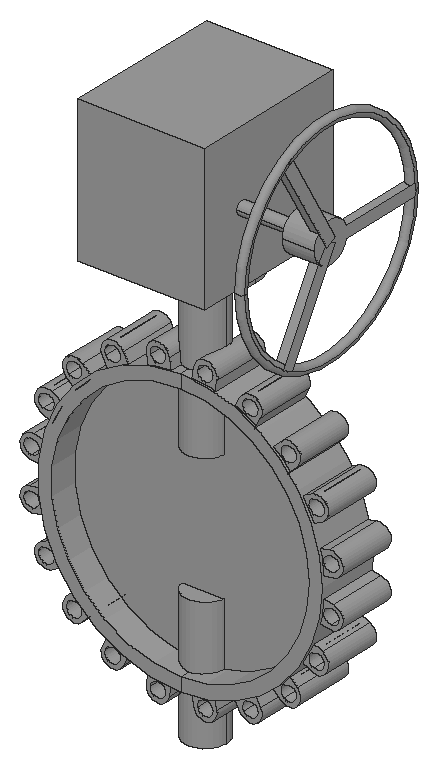
Revit family "2M_Butterfly Valve_UNIVAL_BLN-0201 - 40-600 mm", category Pipe Accessories, Revit 2016
Family settings
  Part Type = Valve - Breaks Into
  Round Connector Dimension = Use Diameter
  OmniClass Number = 23.65.55.14.17
  OmniClass Title = Adjusting/Controlling Valves for Liquid Services
  Work Plane-Based = No
  Always vertical = Yes
  Cut with Voids When Loaded = No
  Shared = No
Parameters (values of type "DN450")
  d = 27 mm
  built-in parameter 1114242 [instance] = 1
  T = -26 mm
  Symbol_consist = E / 30 * 17  # 61.767 mm
  Seat Material = "EPDM, NBR"  # constant formula
  Loss Method = K Coefficient from Table
  Kv = 18551
  LugHole_pcs = 20
  LugrAxis_dist = Body_r + 12 mm  # 260 mm
  URL = "http://www.unival.com.tr/"
  Stem_top_h = 1 mm
  Standard No = "TS EN 593+A1"
  Pressure Rating = "PN16"
  Operator Type = M_Gear - Operator  : GearM
  Model = "BLN-0201X450"
  Max. Working Temperature = "EPDM 120°C (water), NBR 90°C (water and petroleum oil)"
  Max. Working Pressure = "11 Bar"
  Max Diff. Pressure (Allowed) = ""
  Manufacturer = "Giacomini Unival\r\nGiacomini Unival"
  K Coefficient Table = "Butterfly Valve Full Open"
  Gasket Material = "EPDM, NBR"
  Stem_D = 73.019 mm
  Disc_r = DN / 2  # 225 mm
  Disc Material = "Aluminium bronze"  # constant formula
  Description TR = "Lug tipi kelebek vana"  # constant formula
  Description = "Lug type butterfly valve"  # constant formula
  Lug_do = d + 14 mm  # 41 mm
  DN = 450 mm
  D = 175 mm
  Connection Type = "Lug"
  Certifications = "TSE EAC CE"
  E = 109 mm
  Body Material = "Cast iron"
  Body_r = DN / 2 + 23 mm  # 248 mm
  B = 340 mm
  Lug_angle = 90.00°
  A = 422 mm
Types (15, lengths in mm): name | d | T | Symbol_consist | Kv | LugHole_pcs | LugrAxis_dist | Stem_top_h | Operator Type | Model | Max Diff. Pressure (Allowed) | Gasket Material | Stem_D | Disc_r | Lug_do | DN | D | E | Body_r | B | Lug_angle | A
  DN100 | 16 | -10 | 29.183 | 760 | 8 | 85 | 1 | M_Handle - Curved : Lever_260mm | "BLN-0201X100" | "3 Bar" | "EPDM / NBR" | 34.5 | 50 | 30 | 100 | 90 | 51.5 | 73 | 100 | 22.50° | 180
  DN250 | 24 | -10 | 38.817 | 5050 | 12 | 160 | 26 | M_Handle - Curved : Lever_416mm | "BLN-0201X250" | "1.5 Bar" | "EPDM, NBR" | 45.888 | 125 | 38 | 250 | 125 | 68.5 | 148 | 200 | 30.00° | 274
  DN40 | 16 | -10 | 19.55 | 49.5 | 4 | 55 | 1 | M_Handle - Curved : Lever_260mm | "BLN-0201X040" | "3 Bar" | "EPDM, NBR" | 23.112 | 20 | 30 | 40 | 90 | 34.5 | 43 | 63.5 | 90.00° | 140
  DN50 | 16 | -10 | 24.367 | 115 | 4 | 60 | 1 | M_Handle - Curved : Lever_260mm | "BLN-0201X050" | "3 Bar" | "EPDM, NBR" | 28.806 | 25 | 30 | 50 | 90 | 43 | 48 | 68.5 | 90.00° | 140
  DN65 | 16 | -10 | 25.5 | 255 | 4 | 67.5 | 1 | M_Handle - Curved : Lever_260mm | "BLN-0201X065" | "3 Bar" | "EPDM, NBR" | 30.146 | 32.5 | 30 | 65 | 90 | 45 | 55.5 | 76 | 90.00° | 152
  DN80 | 16 | -10 | 26.067 | 375 | 4 | 75 | 1 | M_Handle - Curved : Lever_260mm | "BLN-0201X080" | "3 Bar" | "EPDM, NBR" | 30.816 | 40 | 30 | 80 | 90 | 46 | 63 | 85 | 90.00° | 160
  DN125 | 16 | -10 | 31.733 | 1030 | 8 | 97.5 | 1 | M_Handle - Curved : Lever_260mm | "BLN-0201X125" | "3 Bar" | "EPDM, NBR" | 37.515 | 62.5 | 30 | 125 | 90 | 56 | 85.5 | 120 | 22.50° | 191
  DN150 | 16 | -10 | 32.017 | 1790 | 8 | 110 | 1 | M_Handle - Curved : Lever_260mm | "BLN-0201X150" | "3 Bar" | "EPDM, NBR" | 37.85 | 75 | 30 | 150 | 90 | 56.5 | 98 | 132 | 22.50° | 202
  DN200 | 20 | -10 | 34 | 3450 | 12 | 135 | 23 | M_Handle - Curved : Lever_326mm | "BLN-0201X200" | "3 Bar" | "EPDM, NBR" | 40.194 | 100 | 34 | 200 | 125 | 60 | 123 | 160 | 30.00° | 237
  DN300 | 24 | -10 | 45.05 | 7420 | 12 | 185 | 26 | M_Handle - Curved : Lever_416mm | "BLN-0201X300" | "1.5 Bar" | "EPDM, NBR" | 53.257 | 150 | 38 | 300 | 125 | 79.5 | 173 | 230 | 30.00° | 312
  DN350 | 24 | -24 | 44.2 | 10300 | 16 | 210 | 1 | M_Gear - Operator  : GearS | "BLN-0201X350" | "" | "EPDM, NBR" | 52.252 | 175 | 38 | 350 | 125 | 78 | 198 | 280 | 11.25° | 368
  DN400 | 27 | -25 | 49.867 | 14007 | 16 | 235 | 1 | M_Gear - Operator  : GearM | "BLN-0201X400" | "" | "EPDM, NBR" | 58.951 | 200 | 41 | 400 | 175 | 88 | 223 | 310 | 11.25° | 400
  DN450 | 27 | -26 | 61.767 | 18551 | 20 | 260 | 1 | M_Gear - Operator  : GearM | "BLN-0201X450" | "" | "EPDM, NBR" | 73.019 | 225 | 41 | 450 | 175 | 109 | 248 | 340 | 90.00° | 422
  DN500 | 30 | -25 | 71.967 | 23853 | 20 | 285 | 1 | M_Gear - Operator  : GearL | "BLN-0201X500" | "" | "EPDM, NBR" | 85.078 | 250 | 44 | 500 | 210 | 127 | 273 | 388 | 90.00° | 480
  DN600 | 33 | -30 | 87.267 | 36894 | 20 | 335 | 1 | M_Gear - Operator  : GearL | "BLN-0201X600" | "" | "EPDM, NBR" | 103.165 | 300 | 47 | 600 | 210 | 154 | 323 | 450 | 30.00° | 562
Reference planes
  plane 1 "Center (Front/Back)": y = 0
  plane 2: z = 0
  plane 3 "Center (Left/Right)": x = 0
  plane 4 "Disk": z = 225
  plane 5 "Disc 2": z = -225
  plane 6 "A": z = 422
  plane 7: z = -340
  plane 8: z = 112.5
  plane 9: z = -112.5
  plane 10 "Handle_Plane": z = 423
  plane 11 "Wafer 2": y = 54.5
  plane 12 "Wafer": y = -54.5
  plane 13: x = -84.994
  plane 14: x = 84.994
Forms (mm)
  Extrusion 1, solid, material "UNIVAL_Grey", detail levels fine
    sketch origin (0, 0, 0) x (1, 0, 0) y (0, 0, 1)
      loop
        circle (0, 0) r 225
    from -5 to 5
  Revolve 2, solid, material "UNIVAL_IRON", detail levels fine
    sketch origin (0, 0, 0) x (0, 1, 0) y (0, 0, 1)
      loop
        line (54.5, 248) -> (-54.5, 248) -> (-54.5, 225) -> (54.5, 225) -> (54.5, 248)
      axis (54.5, 0) -> (-54.5, 0)
    angle from 0 to 360
  Extrusion 3, solid, material "UNIVAL_IRON", detail levels fine
    sketch origin (0, 0, 0) x (1, 0, 0) y (0, 1, 0)
      loop
        circle (0, 0) r 36.51
    from 225 to 422
  Extrusion 4, solid, material "UNIVAL_IRON", detail levels fine
    sketch origin (0, 0, 0) x (1, 0, 0) y (0, 1, 0)
      loop
        circle (0, 0) r 36.51
    from -340 to -225
  Extrusion 5, solid, material "UNIVAL_IRON", detail levels fine
    sketch origin (0, 0, 422) x (1, 0, 0) y (0, 1, 0)
      loop
        circle (0, 0) r 87.5
    from -26 <- "T" to 0
  Extrusion 6, solid, material "UNIVAL_Grey", detail levels fine
    sketch origin (0, 0, 225) x (-1, 0, 0) y (0, -1, 0)
      loop
        circle (0, 0) r 36.51
    from -112.5 to 0
  Extrusion 7, solid, material "UNIVAL_Grey", detail levels fine
    sketch origin (0, 0, -225) x (-1, 0, 0) y (0, -1, 0)
      loop
        circle (0, 0) r 36.51
    from 0 to 112.5
  Extrusion 8, solid, detail levels fine
    sketch origin (-1351.99, -1524, 422) x (-1, 0, 0) y (0, -1, 0)
      loop
        circle (-1351.99, -1524) r 87.5
    from 0 to 1 <- "Stem_top_h"
Cuts and joins
  joined: Revolve 2, Extrusion 3, Extrusion 4, Extrusion 5
  joined: Extrusion 1, Extrusion 6, Extrusion 7
Lines and regions (mm)
  model lines, detail levels coarse+medium
    curve 1: line (-30.883, 54.5, 0) -> (30.883, 54.5, 0)
    curve 3: line (30.883, -54.5, 0) -> (-30.883, -54.5, 0)
    curve 5: line (-30.883, -54.5, 0) -> (30.883, 54.5, 0)
    curve 6: line (30.883, -54.5, 0) -> (-30.883, 54.5, 0)
  model lines, not visible, detail levels coarse+medium
    curve 2: line (-30.883, -54.5, 0) -> (-30.883, 54.5, 0)
    curve 4: line (30.883, 54.5, 0) -> (30.883, -54.5, 0)
  reference lines
    curve 7: line (0, 54.5, 0) -> (36.321, 54.5, 0)
Dimensions and locks
  equal spacing: Revolve 2 sketch curve, plane 1 "Center (Front/Back)", Revolve 2 sketch curve
  "E": Revolve 2 sketch curve to Revolve 2 sketch curve
  "Disc_r": Revolve 2 sketch curve to Revolve 2 sketch curve
  "Body_r": Revolve 2 sketch curve to Revolve 2 sketch curve
  "Disc_r": plane 4 "Disk" to plane 2
  "Disc_r": level to plane 5 "Disc 2"
  "A": plane 6 "A" to plane 2
  "B": level to plane 7
  equal spacing: plane 4 "Disk", plane 8, level
  equal spacing: level, plane 9, plane 5 "Disc 2"
  "Stem_top_h": plane 10 "Handle_Plane" to plane 6 "A"
  "E": plane 12 "Wafer" to plane 11 "Wafer 2"
  equal spacing: plane 12 "Wafer", plane 1 "Center (Front/Back)", plane 11 "Wafer 2"
  "Symbol_consist": curve 2 to curve 1
  equal spacing: curve 2, plane 3 "Center (Left/Right)", curve 4
  "Disc_r": radius of Extrusion 1 sketch curve
  "Stem_D": diameter of Extrusion 3 sketch curve
  "Stem_D": diameter of Extrusion 4 sketch curve
  "D": diameter of Extrusion 5 sketch curve
  "Stem_D": diameter of Extrusion 6 sketch curve
  "Stem_D": diameter of Extrusion 7 sketch curve
  "D": diameter of Extrusion 8 sketch curve
  "Lug_angle": angle curve 7 to plane 3 "Center (Left/Right)"
  aligned and locked: level to plane 2
  aligned and locked: Revolve 2 sketch curve to level
  aligned and locked: Extrusion 3 to plane 4 "Disk"
  aligned and locked: plane 6 "A" to Extrusion 3
  aligned and locked: plane 5 "Disc 2" to Extrusion 4
  aligned and locked: plane 7 to Extrusion 4
  aligned and locked: Extrusion 6 to Extrusion 3
  aligned and locked: Extrusion 6 to plane 8
  aligned and locked: plane 9 to Extrusion 7
  aligned and locked: Extrusion 7 to plane 5 "Disc 2"
Automatic sketch dimensions
  Extrusion 1 sketch curve to level = 0 mm
  Extrusion 1 sketch curve to plane 3 "Center (Left/Right)" = 0 mm
  plane 12 "Wafer" to Revolve 2 sketch curve = 2821.218 mm
  Revolve 2 sketch curve to plane 11 "Wafer 2" = 1437.719 mm
  plane 1 "Center (Front/Back)" to Extrusion 3 sketch curve = 0 mm
  Extrusion 3 sketch curve to plane 3 "Center (Left/Right)" = 0 mm
  plane 1 "Center (Front/Back)" to Extrusion 4 sketch curve = 0 mm
  Extrusion 4 sketch curve to plane 3 "Center (Left/Right)" = 0 mm
  plane 1 "Center (Front/Back)" to Extrusion 6 sketch curve = 0 mm
  Extrusion 6 sketch curve to plane 3 "Center (Left/Right)" = 0 mm
  plane 1 "Center (Front/Back)" to Extrusion 7 sketch curve = 0 mm
  Extrusion 7 sketch curve to plane 3 "Center (Left/Right)" = 0 mm
  plane 1 "Center (Front/Back)" to Extrusion 8 sketch curve = 0 mm
  Extrusion 8 sketch curve to plane 3 "Center (Left/Right)" = 0 mm
  plane 12 "Wafer" to curve 3 = 0 mm
  plane 11 "Wafer 2" to curve 2 = 0 mm
  curve 7 to level = 0 mm
  curve 7 to plane 3 "Center (Left/Right)" = 0 mm
Nested families
  nested 1: "M_Gear - Operator " at (193.002, 264.531, 423), type <- "Operator Type", type "GearM", detail levels fine
  nested 2: "M_Lug" at (0, 54.5, 0) x (0.7071, 0, -0.7071) z (0, -1, 0), type "M_Lug", detail levels fine
Connectors
  piping at (0, -54.5, 0), diameter 450, driven by "DN"
    settings: on Revolve 2, index 1, connector inside diameter 609.6 mm, connector length 0 mm, flow factor 0, pipe flow 0.0 L/s, pressure drop 0.0 Pa, fitting loss kfactor 0, connector angle 0.00°, fixture units 0, engagement length 0 mm, angle of deflection 0.00°, flow configuration 0, flow direction 0, fitting loss method 0, system type 29, joint type 0, gender type 0, connector reference index 2, connector utility 0, adjustable connector no, is connector primary yes, connector description ""
  piping at (0, 54.5, 0), diameter 450, driven by "DN"
    settings: on Revolve 2, index 2, connector inside diameter 609.6 mm, connector length 0 mm, flow factor 0, pipe flow 0.0 L/s, pressure drop 0.0 Pa, fitting loss kfactor 0, connector angle 0.00°, fixture units 0, engagement length 0 mm, angle of deflection 0.00°, flow configuration 0, flow direction 0, fitting loss method 0, system type 29, joint type 0, gender type 0, connector reference index 1, connector utility 0, adjustable connector no, is connector primary no, connector description ""
Definition of nested family "M_Gear - Operator "
  Parameters (values of type "GearL")
    angle = 60.00°
    Wheel_r = 8 mm
    WheelCenter_r = 186 mm
    WheelBed_D = 70 mm
    Shaft_l = 80 mm
    Shaft_axis = 80 mm
    Shaft_D = 22 mm
    WheelProfile_w = 20 mm
    Manufacturer = "UNIVAL"
    G = (WheelCenter_r + Wheel_r) * 2  # 388 mm
    F = 241 mm
    Default Elevation = 1219.2 mm
    Box_w = 220 mm
    Box_l = 280 mm
    E = 264 mm
  Types (3, lengths in mm): name | Wheel_r | WheelCenter_r | WheelBed_D | Shaft_l | Shaft_D | WheelProfile_w | G | F | Box_w | Box_l | E
    GearS | 5.5 | 143 | 60 | 80 | 18 | 16 | 297 | 226 | 200 | 250 | 161
    GearM | 8 | 186 | 70 | 100 | 22 | 20 | 388 | 266 | 220 | 280 | 252
    GearL | 8 | 186 | 70 | 80 | 22 | 20 | 388 | 241 | 220 | 280 | 264
  Reference planes
    plane 1 "Center (Front/Back)": x = -193.002
    plane 2: z = 0
    plane 3 "Center (Left/Right)": y = -264.531
    plane 4: y = -404.531
    plane 5: y = -124.531
    plane 6: x = -83.002
    plane 7: x = -303.002
    plane 8: z = 264
    plane 9: z = 132
    plane 10: x = -3.002
    plane 11: x = 39.998
    plane 12: y = -138.531
    plane 13: x = 47.998
    plane 14: through (266.01, -9.42, 1219.2) normal (-0.7071, -0.7071, 0)
    plane 15: x = 31.998
    plane 16: y = -324.531
  Forms (mm)
    Extrusion 1, solid, not visible
      sketch origin (0, 0, 0) x (0, 1, 0) y (-1, 0, 0)
        loop
          line (-1219.2, 1219.2) -> (-1219.2, -1219.2) -> (1219.2, -1219.2) -> (1219.2, 1219.2) -> (-1219.2, 1219.2)
      from 0 to -304.8
    Extrusion 2, solid
      sketch origin (-193.002, -264.531, 0) x (0, 1, 0) y (-1, 0, 0)
        loop
          line (-140, 110) -> (-140, -110) -> (140, -110) -> (140, 110) -> (-140, 110)
      from 0 to 264
    Extrusion 3, solid
      sketch origin (-143.002, 1259.469, 1219.2) x (0, 1, 0) y (0, 0, 1)
        loop
          circle (-1584, -1087.2) r 11
      from 60 to 140
    Extrusion 4, solid
      sketch origin (10.138, 1259.469, 1219.2) x (0, 1, 0) y (0, 0, 1)
        loop
          circle (-1584, -1087.2) r 35
      from -13.139 to 37.861
    Revolve 5, solid
      sketch origin (4378.998, 1395.242, 132) x (1, 0, 0) y (0, 1, 0)
        loop
          circle (-4339, -1533.773) r 8
        axis (-4347, -1719.773) -> (-4331, -1719.773)
      angle from 0 to 360
    Extrusion 6, solid
      sketch origin (39.998, 1259.469, 1219.2) x (0, 1, 0) y (0, 0, 1)
        loop
          line (-1584, -1097.2) -> (-1398, -1097.2) -> (-1398, -1077.2) -> (-1584, -1077.2) -> (-1584, -1097.2)
      from -8 to 8
    Extrusion 7, solid
      sketch origin (39.998, 1259.469, 1219.2) x (0, 1, 0) y (0, 0, 1)
        loop
          line (-1575.34, -1092.2) -> (-1592.66, -1082.2) -> (-1685.66, -1243.281) -> (-1668.34, -1253.281) -> (-1575.34, -1092.2)
      from -8 to 8
    Extrusion 8, solid
      sketch origin (39.998, -1418.731, 1589) x (0, 0, 1) y (0, -1, 0)
        loop
          line (-1462, -1085.54) -> (-1452, -1102.86) -> (-1290.919, -1009.86) -> (-1300.919, -992.54) -> (-1462, -1085.54)
      from -8 to 8
  Cuts and joins
    joined: Extrusion 4, Extrusion 6
  Lines and regions (mm)
    reference lines
      curve 1: line (39.998, -345.013, 143.825) -> (39.998, -324.531, 132)
      curve 2: line (39.998, -324.531, 132) -> (39.998, -324.531, 131.367)
      curve 3: line (39.998, -324.531, 132) -> (39.998, -326.876, 127.939)
      curve 4: line (39.998, -324.531, 132) -> (39.998, -251.851, 122)
      curve 5: line (39.998, -324.531, 132) -> (39.998, -334.531, 59.321)
      curve 6: line (39.998, -320.47, 134.345) -> (39.998, -324.531, 132)
  Dimensions and locks
    "Box_l": plane 4 to plane 5
    "Box_w": plane 6 to plane 7
    "E": plane 8 to plane 2
    equal spacing: plane 6, plane 1 "Center (Front/Back)", plane 7
    equal spacing: plane 8, plane 9, plane 2
    "Shaft_l": plane 10 to plane 6
    "Wheel_r": plane 13 to plane 11
    "F": plane 13 to plane 1 "Center (Front/Back)"
    "WheelProfile_w": Extrusion 6 sketch curve to Extrusion 6 sketch curve
    equal spacing: Extrusion 6 sketch curve, plane 9, Extrusion 6 sketch curve
    "WheelCenter_r": Extrusion 6 sketch curve to Extrusion 6 sketch curve
    equal spacing: plane 13, plane 11, plane 15
    "WheelProfile_w": Extrusion 7 sketch curve to Extrusion 7 sketch curve
    equal spacing: Extrusion 7 sketch curve, curve 3, Extrusion 7 sketch curve
    "WheelCenter_r": Extrusion 7 sketch curve to Extrusion 7 sketch curve
    "Shaft_axis": plane 4 to plane 16
    "WheelCenter_r": plane 12 to plane 16
    equal spacing: plane 5, plane 3 "Center (Left/Right)", plane 4
    equal spacing: Extrusion 8 sketch curve, curve 6, Extrusion 8 sketch curve
    "WheelProfile_w": Extrusion 8 sketch curve to Extrusion 8 sketch curve
    "WheelCenter_r": Extrusion 8 sketch curve to curve 6
    "Shaft_D": diameter of Extrusion 3 sketch curve
    "WheelBed_D": diameter of Extrusion 4 sketch curve
    "Wheel_r": radius of Revolve 5 sketch curve
    "angle": angle plane 16 to Extrusion 7
    aligned and locked: plane 2 to Extrusion 1
    aligned and locked: level to Extrusion 1
    aligned and locked: Extrusion 2 to plane 5
    aligned and locked: Extrusion 2 to plane 4
    aligned and locked: Extrusion 2 to plane 7
    aligned and locked: Extrusion 2 to plane 6
    aligned and locked: plane 8 to Extrusion 2
    aligned and locked: Extrusion 3 to plane 10
    aligned and locked: plane 11 to Revolve 5 sketch curve
    aligned and locked: Extrusion 4 to plane 10
    aligned and locked: plane 12 to Revolve 5 sketch curve
    aligned and locked: Extrusion 3 to plane 6
    aligned and locked: Extrusion 4 to plane 13
    aligned and locked: Extrusion 6 to Extrusion 4
    aligned and locked: Extrusion 7 sketch curve to curve 1
    aligned and locked: cut or joined group of Extrusion 4, Extrusion 6 to Extrusion 8
    aligned and locked: Extrusion 8 to plane 13
    aligned and locked: Extrusion 7 to plane 13
    aligned and locked: cut or joined group of Extrusion 4, Extrusion 6 to Extrusion 7
    aligned and locked: Extrusion 8 to plane 15
    aligned and locked: plane 16 to Extrusion 3 sketch curve
    aligned and locked: plane 9 to Extrusion 3 sketch curve
    aligned and locked: plane 9 to Extrusion 4 sketch curve
    aligned and locked: plane 16 to Extrusion 4 sketch curve
    aligned and locked: plane 16 to Revolve 5 sketch curve
    aligned and locked: Extrusion 6 to plane 16
    aligned and locked: Extrusion 8 sketch curve to curve 6
  Automatic sketch dimensions
    Extrusion 1 sketch curve to Extrusion 1 sketch curve = 2438.4 mm  (x2)
    Extrusion 2 sketch curve to plane 4 = 0 mm
    Extrusion 2 sketch curve to plane 5 = 0 mm
    Extrusion 2 sketch curve to plane 6 = 0 mm
    Extrusion 2 sketch curve to plane 7 = 0 mm
    plane 9 to curve 2 = 0 mm
    curve 2 to plane 16 = 0 mm
    curve 6 to plane 9 = 2.345 mm
    plane 16 to curve 6 = 4.061 mm
    curve 3 to curve 6 = 2.345 mm
    curve 5 to plane 16 = 10 mm
    curve 1 to plane 16 = 20.482 mm
    plane 3 "Center (Left/Right)" to curve 4 = 12.679 mm
    curve 2 to curve 1 = 0.633 mm
    curve 3 to curve 6 = 6.406 mm
    curve 4 to curve 2 = 9.367 mm
    curve 1 to plane 9 = 11.825 mm
    Revolve 5 sketch curve to plane 7 = 137.977 mm
    plane 13 to Revolve 5 sketch curve = 377.57 mm
    Extrusion 6 sketch curve to plane 16 = 0 mm
Definition of nested family "M_Lug"
  Parameters (values of type "M_Lug")
    d = 16 mm
    Wafer_d = Body_depth - 3 mm  # 48.5 mm
    Hole_do = 30 mm
    HoleNumber = 8
    Distance = 85 mm
    Default Elevation = 1219.2 mm
    Body_depth = 51.5 mm
  Reference planes
    plane 1 "Center (Front/Back)": y = 0
    plane 2: z = 0
    plane 3 "Center (Left/Right)": x = 0
  Forms (mm)
    Extrusion 1, solid
      sketch origin (0, 0, 0) x (1, 0, 0) y (0, 1, 0)
        loop
          line (-1219.2, 1219.2) -> (-1219.2, -1219.2) -> (1219.2, -1219.2) -> (1219.2, 1219.2) -> (-1219.2, 1219.2)
      from 0 to -304.8
    Extrusion 2, solid
      sketch origin (0, 65.76, 0) x (1, 0, 0) y (0, 1, 0)
        loop
          circle (0, 23.479) r 8
        loop
          arc (15, 23.479) -> (0, 38.479) -> (-15, 23.479) r 15
          line (-15, 23.479) -> (-15, 0) -> (15, 0) -> (15, 23.479)
      from 3 to 48.5 <- "Wafer_d"
    Extrusion 3, solid
      sketch origin (46.5, 46.5, 0) x (0.707107, -0.707107, 0) y (0.707107, 0.707107, 0)
        loop
          circle (0, 23.479) r 8
        loop
          arc (15, 23.479) -> (0, 38.479) -> (-15, 23.479) r 15
          line (-15, 23.479) -> (-15, 0) -> (15, 0) -> (15, 23.479)
      from 3 to 48.5 <- "Wafer_d"
    Extrusion 4, solid
      sketch origin (-46.5, 46.5, 0) x (0.707107, 0.707107, 0) y (-0.707107, 0.707107, 0)
        loop
          circle (0, 23.479) r 8
        loop
          arc (15, 23.479) -> (0, 38.479) -> (-15, 23.479) r 15
          line (-15, 23.479) -> (-15, 0) -> (15, 0) -> (15, 23.479)
      from 3 to 48.5 <- "Wafer_d"
    Extrusion 5, solid
      sketch origin (-65.76, 0, 0) x (0, 1, 0) y (-1, 0, 0)
        loop
          circle (0, 23.479) r 8
        loop
          arc (15, 23.479) -> (0, 38.479) -> (-15, 23.479) r 15
          line (-15, 23.479) -> (-15, 0) -> (15, 0) -> (15, 23.479)
      from 3 to 48.5 <- "Wafer_d"
    Extrusion 6, solid
      sketch origin (-46.5, -46.5, 0) x (-0.707107, 0.707107, 0) y (-0.707107, -0.707107, 0)
        loop
          circle (0, 23.479) r 8
        loop
          arc (15, 23.479) -> (0, 38.479) -> (-15, 23.479) r 15
          line (-15, 23.479) -> (-15, 0) -> (15, 0) -> (15, 23.479)
      from 3 to 48.5 <- "Wafer_d"
    Extrusion 7, solid
      sketch origin (0, -65.76, 0) x (-1, 0, 0) y (0, -1, 0)
        loop
          circle (0, 23.479) r 8
        loop
          arc (15, 23.479) -> (0, 38.479) -> (-15, 23.479) r 15
          line (-15, 23.479) -> (-15, 0) -> (15, 0) -> (15, 23.479)
      from 3 to 48.5 <- "Wafer_d"
    Extrusion 8, solid
      sketch origin (46.5, -46.5, 0) x (-0.707107, -0.707107, 0) y (0.707107, -0.707107, 0)
        loop
          circle (0, 23.479) r 8
        loop
          arc (15, 23.479) -> (0, 38.479) -> (-15, 23.479) r 15
          line (-15, 23.479) -> (-15, 0) -> (15, 0) -> (15, 23.479)
      from 3 to 48.5 <- "Wafer_d"
    Extrusion 9, solid
      sketch origin (65.76, 0, 0) x (0, -1, 0) y (1, 0, 0)
        loop
          circle (0, 23.479) r 8
        loop
          arc (15, 23.479) -> (0, 38.479) -> (-15, 23.479) r 15
          line (-15, 23.479) -> (-15, 0) -> (15, 0) -> (15, 23.479)
      from 3 to 48.5 <- "Wafer_d"
  Dimensions and locks
    "d": diameter of Extrusion 2 sketch curve
    "Hole_do": diameter of Extrusion 2 sketch curve
    "d": diameter of Extrusion 3 sketch curve
    "Hole_do": diameter of Extrusion 3 sketch curve
    "d": diameter of Extrusion 4 sketch curve
    "Hole_do": diameter of Extrusion 4 sketch curve
    "Distance": radius of radial array
    "d": diameter of Extrusion 5 sketch curve
    "Hole_do": diameter of Extrusion 5 sketch curve
    "d": diameter of Extrusion 6 sketch curve
    "Hole_do": diameter of Extrusion 6 sketch curve
    "d": diameter of Extrusion 7 sketch curve
    "Hole_do": diameter of Extrusion 7 sketch curve
    "d": diameter of Extrusion 8 sketch curve
    "Hole_do": diameter of Extrusion 8 sketch curve
    "d": diameter of Extrusion 9 sketch curve
    "Hole_do": diameter of Extrusion 9 sketch curve
    aligned and locked: plane 2 to Extrusion 1
    aligned and locked: level to Extrusion 1
  Automatic sketch dimensions
    Extrusion 1 sketch curve to Extrusion 1 sketch curve = 2438.4 mm  (x2)
    Extrusion 2 sketch curve to Extrusion 2 sketch curve = 0 mm  (x4)
    Extrusion 2 sketch curve to Extrusion 2 sketch curve = 23.479 mm
    Extrusion 3 sketch curve to Extrusion 3 sketch curve = 0 mm  (x4)
    Extrusion 3 sketch curve to Extrusion 3 sketch curve = 23.479 mm
    Extrusion 4 sketch curve to Extrusion 4 sketch curve = 0 mm  (x4)
    Extrusion 4 sketch curve to Extrusion 4 sketch curve = 23.479 mm
    Extrusion 5 sketch curve to Extrusion 5 sketch curve = 0 mm  (x4)
    Extrusion 5 sketch curve to Extrusion 5 sketch curve = 23.479 mm
    Extrusion 6 sketch curve to Extrusion 6 sketch curve = 0 mm  (x4)
    Extrusion 6 sketch curve to Extrusion 6 sketch curve = 23.479 mm
    Extrusion 7 sketch curve to Extrusion 7 sketch curve = 0 mm  (x4)
    Extrusion 7 sketch curve to Extrusion 7 sketch curve = 23.479 mm
    Extrusion 8 sketch curve to Extrusion 8 sketch curve = 0 mm  (x4)
    Extrusion 8 sketch curve to Extrusion 8 sketch curve = 23.479 mm
    Extrusion 9 sketch curve to Extrusion 9 sketch curve = 0 mm  (x4)
    Extrusion 9 sketch curve to Extrusion 9 sketch curve = 23.479 mm
